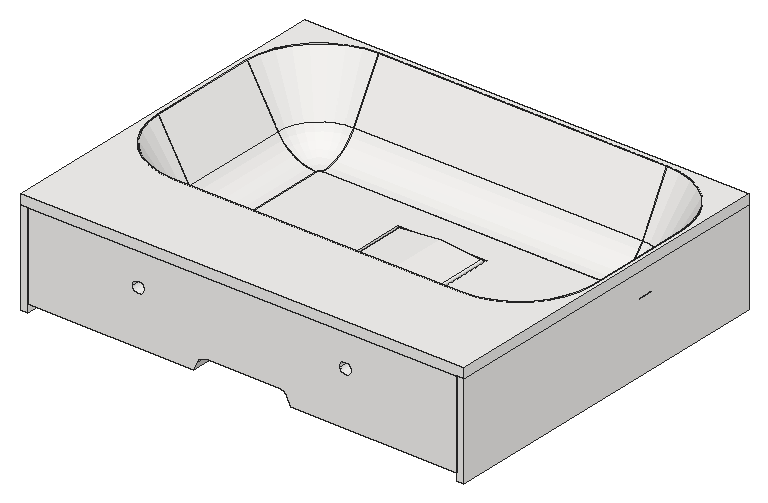
Revit family "Washbasins-hansgrohe-61093XXX-Xevolos E Washbasin 600_480 without tap hole and overflow, SmartClean", category Plumbing Fixtures, Revit 2019
Family settings
  Round Connector Dimension = Use Diameter
  Part Type = Valve - Breaks Into
  OmniClass Number = 23.31.13.00
  Work Plane-Based = No
  Always vertical = Yes
  Cut with Voids When Loaded = No
  Shared = Yes
  Room Calculation Point = No
Parameters (values of type "61093-61093450-GLOSSY_WHITE-400")
  X2 = 0
  X1 = 280
  WEIGHT = "17"
  UNSPSC = "301815 | Sanitary ware"
  UNIFORMATII = "D2010 | Plumbing Fixtures"
  UNICLASS_2015_CODE = "40_20_96"
  UNICLASS2015 = "Pr_40_20_96 | Wash basins, sinks and troughs"
  TYP = 1
  TAP = 0
  SURFACE = "GLOSSY_WHITE"
  SPECIFICATION = "Surfaces:  - 61093450 White   Specification:  • consists of: washbasin, waste set, cover  • material: ceramic  • SmartClean: dirt-repellent glaze • degree of gloss: glossy  • ceramic cover included • without tap hole • without overflow • without shelf • non-closing waste set • 600 x 480 mm • type of installation: wall mounted  • suitable for cabinet"
  REGION = "Worldwide"
  PRODUCTURL = "https://pro.hansgrohe.com/articledetail--61093450"
  PRODUCTGROUP = "Washbasins"
  PRODUCTFAMILY = "Xevolos E"
  PERMALINK = "61093XXX"
  OMNICLASS = "23-31 13 00 | Sinks"
  OBJECTTYPE = "Object (single object)"
  NN = "Xevolos Washbasin"
  NBSYN = "$BASENUMBER.-$ARTNR.-$SURFACE.-$LODLEVEL."
  NB = "61093-61093450-GLOSSY_WHITE-400"
  NAME = "Xevolos E Washbasin 600/480 without tap hole and overflow, SmartClean"
  Model = "61093-61093450-GLOSSY_WHITE-400"
  Manufacturer = "Hansgrohe"
  MIdent = "{$CADENAS_DATA/23d-libs/hansgrohe/xevolos_washbasin/xevolos_washbasin.prj},221 {VTYP=3D},{NB=61093-61093450-GLOSSY_WHITE-400},{LINA=61093-61093450-GLOSSY_WHITE-400},{NN=Xevolos Washbasin},{DATE=13.03.2023 11:34:45},{GEOMDATE=13.03.2023 11:34:00},{VERSION=},{LINEID=20},{WBVAR=LODLEVEL},{WBNUMERIC=}  {NB=61093-61093450-GLOSSY_WHITE-400},{LINA=61093-61093450-GLOSSY_WHITE-400},{KT=DUMMY},{IDNR=6},{ARTNR=61093450},{BASENUMBER=61093},{MODEL=61093XXX},{SURFACE=GLOSSY_WHITE},{LODLEVEL=400},{LODLEVELX='400','400','200','200'},{L=600.000},{LI=370.000},{X1=280.000},{X2=0.000},{DO=46.000},{DOT=35.000},{TAP=0},{TYP=1},{NAME=Xevolos E Washbasin 600/480 without tap hole and overflow, SmartClean},{PERMALINK=61093XXX},{OBJECTTYPE=Object (single object)},{BIMOBJECT=Sanitary: Wash Basins},{PRODUCTFAMILY=Xevolos E},{PRODUCTGROUP=Washbasins},{WEIGHT=17},{DESCRIPTION=Xevolos E Washbasin 600/480 without tap hole and overflow, SmartClean},{SPECIFICATION=Surfaces:  - 61093450 White   Specification:  • consists of: washbasin, waste set, cover  • material: ceramic  • SmartClean: dirt-repellent glaze • degree of gloss: glossy  • ceramic cover included • without tap hole • without overflow • without shelf • non-closing waste set • 600 x 480 mm • type of installation: wall mounted  • suitable for cabinet},{PRODUCTURL=https://pro.hansgrohe.com/articledetail--61093450},{GTINCODE=4059625420867},{IFC=Sanitary Terminal},{ETIM=EC011550 | Washbasin},{UNICLASS2015=Pr_40_20_96 | Wash basins, sinks and troughs},{OMNICLASS=23-31 13 00 | Sinks},{MASTERFORMAT=22 41 16.13 | Residential Lavatories},{UNSPSC=301815 | Sanitary ware},{UNIFORMATII=D2010 | Plumbing Fixtures},{REGION=Worldwide},{DESIGN=Germany},{MANUFACTURER=Germany}"
  MASTERFORMAT = "22 41 16.13 | Residential Lavatories"
  LODLEVEL = "400"
  LINA = "61093-61093450-GLOSSY_WHITE-400"
  LI = 370
  L = 600
  IFC = "Sanitary Terminal"
  GTINCODE = "4059625420867"
  ETIM = "EC011550 | Washbasin"
  DOT = 35
  DO = 46
  DESIGN = "Germany"
  CNSPipeRound/cp_Ausgang_1_V = no
  CATALOG = "Hansgrohe"
  BIMOBJECT = "Sanitary: Wash Basins"
  BASENUMBER = "61093"
  ARTNR = "61093450"
  61093-61093450-GLOSSY_WHITE-400_RX0RY0RZ0TX0TY0TZ0_V = yes
  61093-61093450-GLOSSY_WHITE-200_RX0RY0RZ0TX0TY0TZ0_V = no
Types (3, lengths in mm): name | NB | Model | MIdent | LODLEVEL | LINA | 61093-61093450-GLOSSY_WHITE-400_RX0RY0RZ0TX0TY0TZ0_V | 61093-61093450-GLOSSY_WHITE-200_RX0RY0RZ0TX0TY0TZ0_V
  (no name) | "61093-61093450-GLOSSY_WHITE-400" | "61093-61093450-GLOSSY_WHITE-400" | "{$CADENAS_DATA/23d-libs/hansgrohe/xevolos_washbasin/xevolos_washbasin.prj},221 {VTYP=3D},{NB=61093-61093450-GLOSSY_WHITE-400},{LINA=61093-61093450-GLOSSY_WHITE-400},{NN=Xevolos Washbasin},{DATE=13.03.2023 11:34:45},{GEOMDATE=13.03.2023 11:34:00},{VERSION=},{LINEID=20},{WBVAR=LODLEVEL},{WBNUMERIC=}  {NB=61093-61093450-GLOSSY_WHITE-400},{LINA=61093-61093450-GLOSSY_WHITE-400},{KT=DUMMY},{IDNR=6},{ARTNR=61093450},{BASENUMBER=61093},{MODEL=61093XXX},{SURFACE=GLOSSY_WHITE},{LODLEVEL=400},{LODLEVELX='400','400','200','200'},{L=600.000},{LI=370.000},{X1=280.000},{X2=0.000},{DO=46.000},{DOT=35.000},{TAP=0},{TYP=1},{NAME=Xevolos E Washbasin 600/480 without tap hole and overflow, SmartClean},{PERMALINK=61093XXX},{OBJECTTYPE=Object (single object)},{BIMOBJECT=Sanitary: Wash Basins},{PRODUCTFAMILY=Xevolos E},{PRODUCTGROUP=Washbasins},{WEIGHT=17},{DESCRIPTION=Xevolos E Washbasin 600/480 without tap hole and overflow, SmartClean},{SPECIFICATION=Surfaces:  - 61093450 White   Specification:  • consists of: washbasin, waste set, cover  • material: ceramic  • SmartClean: dirt-repellent glaze • degree of gloss: glossy  • ceramic cover included • without tap hole • without overflow • without shelf • non-closing waste set • 600 x 480 mm • type of installation: wall mounted  • suitable for cabinet},{PRODUCTURL=https://pro.hansgrohe.com/articledetail--61093450},{GTINCODE=4059625420867},{IFC=Sanitary Terminal},{ETIM=EC011550 | Washbasin},{UNICLASS2015=Pr_40_20_96 | Wash basins, sinks and troughs},{OMNICLASS=23-31 13 00 | Sinks},{MASTERFORMAT=22 41 16.13 | Residential Lavatories},{UNSPSC=301815 | Sanitary ware},{UNIFORMATII=D2010 | Plumbing Fixtures},{REGION=Worldwide},{DESIGN=Germany},{MANUFACTURER=Germany}" | "400" | "61093-61093450-GLOSSY_WHITE-400" | yes | yes
  61093-61093450-GLOSSY_WHITE-200 | "61093-61093450-GLOSSY_WHITE-200" | "61093-61093450-GLOSSY_WHITE-200" | "{$CADENAS_DATA/23d-libs/hansgrohe/xevolos_washbasin/xevolos_washbasin.prj},221 {VTYP=3D},{NB=61093-61093450-GLOSSY_WHITE-200},{LINA=61093-61093450-GLOSSY_WHITE-200},{NN=Xevolos Washbasin},{DATE=13.03.2023 11:34:45},{GEOMDATE=13.03.2023 11:34:00},{VERSION=},{LINEID=20},{WBVAR=LODLEVEL},{WBNUMERIC=}  {NB=61093-61093450-GLOSSY_WHITE-200},{LINA=61093-61093450-GLOSSY_WHITE-200},{KT=DUMMY},{IDNR=6},{ARTNR=61093450},{BASENUMBER=61093},{MODEL=61093XXX},{SURFACE=GLOSSY_WHITE},{LODLEVEL=200},{LODLEVELX='400','400','200','200'},{L=600.000},{LI=370.000},{X1=280.000},{X2=0.000},{DO=46.000},{DOT=35.000},{TAP=0},{TYP=1},{NAME=Xevolos E Washbasin 600/480 without tap hole and overflow, SmartClean},{PERMALINK=61093XXX},{OBJECTTYPE=Object (single object)},{BIMOBJECT=Sanitary: Wash Basins},{PRODUCTFAMILY=Xevolos E},{PRODUCTGROUP=Washbasins},{WEIGHT=17},{DESCRIPTION=Xevolos E Washbasin 600/480 without tap hole and overflow, SmartClean},{SPECIFICATION=Surfaces:  - 61093450 White   Specification:  • consists of: washbasin, waste set, cover  • material: ceramic  • SmartClean: dirt-repellent glaze • degree of gloss: glossy  • ceramic cover included • without tap hole • without overflow • without shelf • non-closing waste set • 600 x 480 mm • type of installation: wall mounted  • suitable for cabinet},{PRODUCTURL=https://pro.hansgrohe.com/articledetail--61093450},{GTINCODE=4059625420867},{IFC=Sanitary Terminal},{ETIM=EC011550 | Washbasin},{UNICLASS2015=Pr_40_20_96 | Wash basins, sinks and troughs},{OMNICLASS=23-31 13 00 | Sinks},{MASTERFORMAT=22 41 16.13 | Residential Lavatories},{UNSPSC=301815 | Sanitary ware},{UNIFORMATII=D2010 | Plumbing Fixtures},{REGION=Worldwide},{DESIGN=Germany},{MANUFACTURER=Germany}" | "200" | "61093-61093450-GLOSSY_WHITE-200" | no | yes
  61093-61093450-GLOSSY_WHITE-400 | "61093-61093450-GLOSSY_WHITE-400" | "61093-61093450-GLOSSY_WHITE-400" | "{$CADENAS_DATA/23d-libs/hansgrohe/xevolos_washbasin/xevolos_washbasin.prj},221 {VTYP=3D},{NB=61093-61093450-GLOSSY_WHITE-400},{LINA=61093-61093450-GLOSSY_WHITE-400},{NN=Xevolos Washbasin},{DATE=13.03.2023 11:34:45},{GEOMDATE=13.03.2023 11:34:00},{VERSION=},{LINEID=20},{WBVAR=LODLEVEL},{WBNUMERIC=}  {NB=61093-61093450-GLOSSY_WHITE-400},{LINA=61093-61093450-GLOSSY_WHITE-400},{KT=DUMMY},{IDNR=6},{ARTNR=61093450},{BASENUMBER=61093},{MODEL=61093XXX},{SURFACE=GLOSSY_WHITE},{LODLEVEL=400},{LODLEVELX='400','400','200','200'},{L=600.000},{LI=370.000},{X1=280.000},{X2=0.000},{DO=46.000},{DOT=35.000},{TAP=0},{TYP=1},{NAME=Xevolos E Washbasin 600/480 without tap hole and overflow, SmartClean},{PERMALINK=61093XXX},{OBJECTTYPE=Object (single object)},{BIMOBJECT=Sanitary: Wash Basins},{PRODUCTFAMILY=Xevolos E},{PRODUCTGROUP=Washbasins},{WEIGHT=17},{DESCRIPTION=Xevolos E Washbasin 600/480 without tap hole and overflow, SmartClean},{SPECIFICATION=Surfaces:  - 61093450 White   Specification:  • consists of: washbasin, waste set, cover  • material: ceramic  • SmartClean: dirt-repellent glaze • degree of gloss: glossy  • ceramic cover included • without tap hole • without overflow • without shelf • non-closing waste set • 600 x 480 mm • type of installation: wall mounted  • suitable for cabinet},{PRODUCTURL=https://pro.hansgrohe.com/articledetail--61093450},{GTINCODE=4059625420867},{IFC=Sanitary Terminal},{ETIM=EC011550 | Washbasin},{UNICLASS2015=Pr_40_20_96 | Wash basins, sinks and troughs},{OMNICLASS=23-31 13 00 | Sinks},{MASTERFORMAT=22 41 16.13 | Residential Lavatories},{UNSPSC=301815 | Sanitary ware},{UNIFORMATII=D2010 | Plumbing Fixtures},{REGION=Worldwide},{DESIGN=Germany},{MANUFACTURER=Germany}" | "400" | "61093-61093450-GLOSSY_WHITE-400" | yes | no
Reference planes
  plane 1 "Center (Front/Back)": y = 0
  plane 2: z = 0
  plane 3 "Center (Left/Right)": x = 0
Dimensions and locks
  aligned and locked: level to plane 2
Nested families
  nested 1: "61093-61093450-glossy_white-200_content" at (0, 0, 0), visible <- "61093-61093450-GLOSSY_WHITE-200_RX0RY0RZ0TX0TY0TZ0_V", ContentVisible <- "61093-61093450-GLOSSY_WHITE-200_RX0RY0RZ0TX0TY0TZ0_V", type "61093-61093450-GLOSSY_WHITE-200_Content"
    with ContentVisible no
  nested 2: "61093-61093450-glossy_white-400_content" at (0, 0, 0), visible <- "61093-61093450-GLOSSY_WHITE-400_RX0RY0RZ0TX0TY0TZ0_V", ContentVisible <- "61093-61093450-GLOSSY_WHITE-400_RX0RY0RZ0TX0TY0TZ0_V", type "61093-61093450-GLOSSY_WHITE-400_Content"
    with ContentVisible yes
  nested 3: "ConnectorHost2019" at (0, 0, 0), visible <- "CNSPipeRound/cp_Ausgang_1_V", type "ConnectorHost2019"
    with Visible no, TransZ 0 mm, TransY 0 mm, TransX 0 mm, ScaleZ 1 mm, ScaleY 1 mm, ScaleX 1 mm, RotZ 180.00°, RotY 360.00°, RotX 180.00°
Connectors
  piping at (0, 0, 0), diameter 46
    settings: on nested 3, index 1, connector inside diameter 609.6 mm, connector length 0 mm, flow factor 0, pipe flow 0.0 L/s, pressure drop 0.0 Pa, fitting loss kfactor 0, connector angle 0.00°, fixture units 0, engagement length 0 mm, angle of deflection 0.00°, flow configuration 0, flow direction 2, fitting loss method 0, system type 29, joint type 0, gender type 0, connector reference index -1, connector utility 0, adjustable connector no, is connector primary yes, connector description ""
Definition of nested family "61093-61093450-glossy_white-400_content"
  Parameters (values of type "61093-61093450-GLOSSY_WHITE-400_Content")
    X2 = 0
    X1 = 280
    WEIGHT = "17"
    UNSPSC = "301815 | Sanitary ware"
    UNIFORMATII = "D2010 | Plumbing Fixtures"
    UNICLASS_2015_CODE = "40_20_96"
    UNICLASS2015 = "Pr_40_20_96 | Wash basins, sinks and troughs"
    TYP = 1
    TAP = 0
    SURFACE = "GLOSSY_WHITE"
    SPECIFICATION = "Surfaces:  - 61093450 White   Specification:  • consists of: washbasin, waste set, cover  • material: ceramic  • SmartClean: dirt-repellent glaze • degree of gloss: glossy  • ceramic cover included • without tap hole • without overflow • without shelf • non-closing waste set • 600 x 480 mm • type of installation: wall mounted  • suitable for cabinet"
    REGION = "Worldwide"
    PRODUCTURL = "https://pro.hansgrohe.com/articledetail--61093450"
    PRODUCTGROUP = "Washbasins"
    PRODUCTFAMILY = "Xevolos E"
    PERMALINK = "61093XXX"
    OMNICLASS = "23-31 13 00 | Sinks"
    OBJECTTYPE = "Object (single object)"
    NN = "Xevolos Washbasin"
    NBSYN = "$BASENUMBER.-$ARTNR.-$SURFACE.-$LODLEVEL."
    NB = "61093-61093450-GLOSSY_WHITE-400"
    NAME = "Xevolos E Washbasin 600/480 without tap hole and overflow, SmartClean"
    Model = "61093-61093450-GLOSSY_WHITE-400"
    Manufacturer = "Hansgrohe"
    MASTERFORMAT = "22 41 16.13 | Residential Lavatories"
    LODLEVEL = "400"
    LINA = "61093-61093450-GLOSSY_WHITE-400"
    LI = 370
    L = 600
    IFC = "Sanitary Terminal"
    GTINCODE = "4059625420867"
    ETIM = "EC011550 | Washbasin"
    Default Elevation = 1219.2 mm
    DOT = 35
    DO = 46
    DESIGN = "Germany"
    ContentVisible [instance] = yes
    CATALOG = "Hansgrohe"
    BIMOBJECT = "Sanitary: Wash Basins"
    BASENUMBER = "61093"
    ARTNR = "61093450"
  Reference planes
    plane 1 "Center (Front/Back)": y = 0
    plane 2: z = 0
    plane 3 "Center (Left/Right)": x = 0
  Forms (mm)
    Extrusion 1, solid, visible <- "ContentVisible", detail levels medium+fine
      sketch origin (0, -295, 7) x (0, 0, -1) y (0, -1, 0)
        loop
          line (-140, -474) -> (-121, -474) -> (-62.906, -440.46)
          arc (-62.906, -440.46) -> (-37.353, -414.906) -> (-28, -380) r 69.813
          line (-28, -380) -> (-37.5, -380)
          arc (-37.5, -380) -> (-45.58, -410.156) -> (-67.656, -432.232) r 60.313
          line (-67.656, -432.232) -> (-140, -474)
      from -195 to 195
    Revolve 2, solid, visible <- "ContentVisible", detail levels medium+fine
      sketch origin (-195, -295, 7) x (0, 0, -1) y (0, -1, 0)
        loop
          line (-140, -474) -> (-121, -474) -> (-62.906, -440.46)
          arc (-62.906, -440.46) -> (-37.353, -414.906) -> (-28, -380) r 69.813
          line (-28, -380) -> (-37.5, -380)
          arc (-37.5, -380) -> (-45.58, -410.156) -> (-67.656, -432.232) r 60.313
          line (-67.656, -432.232) -> (-140, -474)
        axis (-140, -375) -> (-28, -375)
      angle from -90 to 0
    Extrusion 3, solid, visible <- "ContentVisible", detail levels medium+fine
      sketch origin (0, -70, 7) x (-1, 0, 0) y (0, 0, -1)
        loop
          line (200, -28) -> (200, -37.5)
          arc (200, -37.5) -> (230.156, -45.58) -> (252.232, -67.656) r 60.313
          line (252.232, -67.656) -> (294, -140) -> (294, -121) -> (260.46, -62.906)
          arc (260.46, -62.906) -> (234.906, -37.353) -> (200, -28) r 69.813
      from -150 to 0
    Revolve 4, solid, visible <- "ContentVisible", detail levels medium+fine
      sketch origin (-195, -295, 7) x (0, 0, -1) y (0, -1, 0)
        loop
          line (-140, -126) -> (-67.656, -167.768)
          arc (-67.656, -167.768) -> (-45.58, -189.844) -> (-37.5, -220) r 60.313
          line (-37.5, -220) -> (-28, -220)
          arc (-28, -220) -> (-37.353, -185.094) -> (-62.906, -159.54) r 69.813
          line (-62.906, -159.54) -> (-121, -126) -> (-140, -126)
        axis (-28, -225) -> (-140, -225)
      angle from -90 to 0
    Extrusion 5, solid, visible <- "ContentVisible", detail levels medium+fine
      sketch origin (0, -295, 7) x (0, 0, -1) y (0, -1, 0)
        loop
          line (-140, -126) -> (-67.656, -167.768)
          arc (-67.656, -167.768) -> (-45.58, -189.844) -> (-37.5, -220) r 60.313
          line (-37.5, -220) -> (-28, -220)
          arc (-28, -220) -> (-37.353, -185.094) -> (-62.906, -159.54) r 69.813
          line (-62.906, -159.54) -> (-121, -126) -> (-140, -126)
      from -195 to 195
    Revolve 6, solid, visible <- "ContentVisible", detail levels medium+fine
      sketch origin (195, -295, 7) x (0, 0, -1) y (0, -1, 0)
        loop
          line (-140, -126) -> (-67.656, -167.768)
          arc (-67.656, -167.768) -> (-45.58, -189.844) -> (-37.5, -220) r 60.313
          line (-37.5, -220) -> (-28, -220)
          arc (-28, -220) -> (-37.353, -185.094) -> (-62.906, -159.54) r 69.813
          line (-62.906, -159.54) -> (-121, -126) -> (-140, -126)
        axis (-28, -225) -> (-140, -225)
      angle from 0 to 90
    Extrusion 7, solid, visible <- "ContentVisible", detail levels medium+fine
      sketch origin (0, -70, 7) x (-1, 0, 0) y (0, 0, -1)
        loop
          line (-294, -121) -> (-294, -140) -> (-252.232, -67.656)
          arc (-252.232, -67.656) -> (-230.156, -45.58) -> (-200, -37.5) r 60.313
          line (-200, -37.5) -> (-200, -28)
          arc (-200, -28) -> (-234.906, -37.353) -> (-260.46, -62.906) r 69.813
          line (-260.46, -62.906) -> (-294, -121)
      from -150 to 0
    Revolve 8, solid, visible <- "ContentVisible", detail levels medium+fine
      sketch origin (195, -295, 7) x (0, 0, -1) y (0, -1, 0)
        loop
          line (-140, -474) -> (-121, -474) -> (-62.906, -440.46)
          arc (-62.906, -440.46) -> (-37.353, -414.906) -> (-28, -380) r 69.813
          line (-28, -380) -> (-37.5, -380)
          arc (-37.5, -380) -> (-45.58, -410.156) -> (-67.656, -432.232) r 60.313
          line (-67.656, -432.232) -> (-140, -474)
        axis (-140, -375) -> (-28, -375)
      angle from 0 to 90
    Extrusion 9, solid, visible <- "ContentVisible", detail levels medium+fine
      sketch origin (0, -295, 35) x (-1, 0, 0) y (0, -1, 0)
        loop
          line (-200, -225) -> (-200, -375)
          arc (-200, -375) -> (-198.536, -378.536) -> (-195, -380) r 5
          line (-195, -380) -> (195, -380)
          arc (195, -380) -> (198.536, -378.536) -> (200, -375) r 5
          line (200, -375) -> (200, -225)
          arc (200, -225) -> (198.536, -221.464) -> (195, -220) r 5
          line (195, -220) -> (-195, -220)
          arc (-195, -220) -> (-198.536, -221.464) -> (-200, -225) r 5
        loop
          line (-60, -252.5) -> (-60, -337.5) -> (60, -337.5) -> (60, -252.5) -> (-60, -252.5)
      from 0 to 9.5
    Extrusion 10, solid, visible <- "ContentVisible", detail levels medium+fine
      sketch origin (0, -295, 147) x (-1, 0, 0) y (0, -1, 0)
        loop
          line (-300, -480) -> (300, -480) -> (300, 0) -> (-300, 0) -> (-300, -480)
        loop
          line (-294, -226) -> (-294, -374)
          arc (-294, -374) -> (-264.711, -444.711) -> (-194, -474) r 100
          line (-194, -474) -> (194, -474)
          arc (194, -474) -> (264.711, -444.711) -> (294, -374) r 100
          line (294, -374) -> (294, -226)
          arc (294, -226) -> (264.711, -155.289) -> (194, -126) r 100
          line (194, -126) -> (-194, -126)
          arc (-194, -126) -> (-264.711, -155.289) -> (-294, -226) r 100
      from -13 to 0
    Extrusion 11, solid, visible <- "ContentVisible", detail levels medium+fine
      sketch origin (0, -295, 134) x (-1, 0, 0) y (0, -1, 0)
        loop
          line (-300, -480) -> (300, -480) -> (300, 0) -> (290, 0) -> (290, -470) -> (-290, -470) -> (-290, 0) -> (-300, 0) -> (-300, -480)
      from -127 to 0
    Extrusion 12, solid, visible <- "ContentVisible", detail levels medium+fine
      sketch origin (0, -295, 17) x (-1, 0, 0) y (0, -1, 0)
        loop
          line (-290, -35) -> (-290, -470) -> (290, -470) -> (290, -35) -> (250, -35) -> (250, -380)
          arc (250, -380) -> (235.355, -415.355) -> (200, -430) r 50
          line (200, -430) -> (-200, -430)
          arc (-200, -430) -> (-235.355, -415.355) -> (-250, -380) r 50
          line (-250, -380) -> (-250, -35) -> (-290, -35)
      from 0 to 50
    Extrusion 13, solid, visible <- "ContentVisible", detail levels medium+fine
      sketch origin (0, -295, 7) x (-1, 0, 0) y (0, 0, -1)
        loop
          line (-290, -10) -> (-290, -127) -> (290, -127) -> (290, -10) -> (65, -10) -> (59.568, -21.649)
          arc (59.568, -21.649) -> (55.509, -26.277) -> (49.599, -28) r 11
          line (49.599, -28) -> (-49.599, -28)
          arc (-49.599, -28) -> (-55.509, -26.277) -> (-59.568, -21.649) r 11
          line (-59.568, -21.649) -> (-65, -10) -> (-290, -10)
      from -35 to 0
    Extrusion 14, solid, visible <- "ContentVisible", detail levels medium+fine
      sketch origin (-185, -295, 7) x (0, 0, -1) y (0, -1, 0)
        loop
          line (-127, -35) -> (-127, -127.732) -> (-65.156, -163.437)
          arc (-65.156, -163.437) -> (-41.25, -187.344) -> (-32.5, -220) r 65.313
          line (-32.5, -220) -> (-32.5, -380)
          arc (-32.5, -380) -> (-39.303, -409.023) -> (-58.294, -432) r 65.313
          line (-58.294, -432) -> (-30.544, -432) -> (-10, -40) -> (-10, -35) -> (-127, -35)
      from 0 to 75
    Extrusion 15, solid, visible <- "ContentVisible", detail levels medium+fine
      sketch origin (185, -295, 7) x (0, 0, -1) y (0, -1, 0)
        loop
          line (-127, -35) -> (-127, -127.732) -> (-65.156, -163.437)
          arc (-65.156, -163.437) -> (-41.25, -187.344) -> (-32.5, -220) r 65.313
          line (-32.5, -220) -> (-32.5, -380)
          arc (-32.5, -380) -> (-39.303, -409.023) -> (-58.294, -432) r 65.313
          line (-58.294, -432) -> (-30.544, -432) -> (-10, -40) -> (-10, -35) -> (-127, -35)
      from -75 to 0
    Extrusion 16, solid, visible <- "ContentVisible", detail levels medium+fine
      sketch origin (0, -295, 17) x (-1, 0, 0) y (0, -1, 0)
        loop
          line (-72, -261.5) -> (-72, -328.5)
          arc (-72, -328.5) -> (-65.703, -343.703) -> (-50.5, -350) r 21.5
          line (-50.5, -350) -> (50.5, -350)
          arc (50.5, -350) -> (65.703, -343.703) -> (72, -328.5) r 21.5
          line (72, -328.5) -> (72, -261.5)
          arc (72, -261.5) -> (65.703, -246.297) -> (50.5, -240) r 21.5
          line (50.5, -240) -> (-50.5, -240)
          arc (-50.5, -240) -> (-65.703, -246.297) -> (-72, -261.5) r 21.5
      from 0 to 18
    Revolve 17, solid, visible <- "ContentVisible", detail levels medium+fine
      sketch origin (0, 0, 7) x (-1, 0, 0) y (0, 0, -1)
        loop
          line (23, -4.5) -> (42.5, -27.441) -> (42.5, -10) -> (34, 0) -> (34, 7) -> (23, 7) -> (23, -4.5)
        axis (0, -27.441) -> (0, 7)
      angle from -360 to 0
    Extrusion 18, solid, visible <- "ContentVisible", detail levels medium+fine
      sketch origin (0, -295, -3) x (-1, 0, 0) y (0, -1, 0)
        loop
          circle (0, -295) r 7.5
      from 0 to 41
    Extrusion 19, solid, visible <- "ContentVisible", detail levels medium+fine
      sketch origin (0, -295, 38) x (-1, 0, 0) y (0, -1, 0)
        loop
          circle (0, -295) r 32.5
      from 0 to 2
    Extrusion 20, solid, visible <- "ContentVisible", detail levels medium+fine
      sketch origin (0, 0, 7) x (-1, 0, 0) y (0, 0, -1)
        loop
          arc (-54.85, -33) -> (-57.5, -35.65) -> (-54.85, -38.3) r 2.65
          arc (-54.85, -38.3) -> (0, -43.036) -> (54.85, -38.3) r 320
          arc (54.85, -38.3) -> (57.5, -35.65) -> (54.85, -33) r 2.65
          line (54.85, -33) -> (-54.85, -33)
      from -40 to 40
    Extrusion 21, void, detail levels medium+fine
      sketch origin (0, -295, 7) x (-1, 0, 0) y (0, 0, -1)
        loop
          circle (140, -83) r 8
      from -30 to 30
    Extrusion 22, void, detail levels medium+fine
      sketch origin (0, -295, 7) x (-1, 0, 0) y (0, 0, -1)
        loop
          circle (-140, -83) r 8
      from -30 to 30
    Extrusion 23, solid, visible <- "ContentVisible", detail levels coarse
      sketch origin (0, -55, -3) x (1, 0, 0) y (0, 1, 0)
        loop
          line (-300, -240) -> (300, -240) -> (300, 240) -> (-300, 240) -> (-300, -240)
      from 0 to 150
  Cuts and joins
    Extrusion 21, Extrusion 22 cuts Extrusion 1
    Extrusion 21, Extrusion 22 cuts Revolve 2
    Extrusion 21, Extrusion 22 cuts Extrusion 3
    Extrusion 21, Extrusion 22 cuts Revolve 4
    Extrusion 21, Extrusion 22 cuts Extrusion 5
    Extrusion 21, Extrusion 22 cuts Revolve 6
    Extrusion 21, Extrusion 22 cuts Extrusion 7
    Extrusion 21, Extrusion 22 cuts Revolve 8
    Extrusion 21, Extrusion 22 cuts Extrusion 9
    Extrusion 21, Extrusion 22 cuts Extrusion 10
    Extrusion 21, Extrusion 22 cuts Extrusion 11
    Extrusion 21, Extrusion 22 cuts Extrusion 12
    Extrusion 21, Extrusion 22 cuts Extrusion 13
    Extrusion 21, Extrusion 22 cuts Extrusion 14
    Extrusion 21, Extrusion 22 cuts Extrusion 15
    Extrusion 21, Extrusion 22 cuts Extrusion 16
    Extrusion 21, Extrusion 22 cuts Revolve 17
    Extrusion 21, Extrusion 22 cuts Extrusion 18
    Extrusion 21, Extrusion 22 cuts Extrusion 19
    Extrusion 21, Extrusion 22 cuts Extrusion 20
  Dimensions and locks
    aligned and locked: level to plane 2
Definition of nested family "61093-61093450-glossy_white-200_content"
  Parameters (values of type "61093-61093450-GLOSSY_WHITE-200_Content")
    X2 = 0
    X1 = 280
    WEIGHT = "17"
    UNSPSC = "301815 | Sanitary ware"
    UNIFORMATII = "D2010 | Plumbing Fixtures"
    UNICLASS_2015_CODE = "40_20_96"
    UNICLASS2015 = "Pr_40_20_96 | Wash basins, sinks and troughs"
    TYP = 1
    TAP = 0
    SURFACE = "GLOSSY_WHITE"
    SPECIFICATION = "Surfaces:  - 61093450 White   Specification:  • consists of: washbasin, waste set, cover  • material: ceramic  • SmartClean: dirt-repellent glaze • degree of gloss: glossy  • ceramic cover included • without tap hole • without overflow • without shelf • non-closing waste set • 600 x 480 mm • type of installation: wall mounted  • suitable for cabinet"
    REGION = "Worldwide"
    PRODUCTURL = "https://pro.hansgrohe.com/articledetail--61093450"
    PRODUCTGROUP = "Washbasins"
    PRODUCTFAMILY = "Xevolos E"
    PERMALINK = "61093XXX"
    OMNICLASS = "23-31 13 00 | Sinks"
    OBJECTTYPE = "Object (single object)"
    NN = "Xevolos Washbasin"
    NBSYN = "$BASENUMBER.-$ARTNR.-$SURFACE.-$LODLEVEL."
    NB = "61093-61093450-GLOSSY_WHITE-200"
    NAME = "Xevolos E Washbasin 600/480 without tap hole and overflow, SmartClean"
    Model = "61093-61093450-GLOSSY_WHITE-200"
    Manufacturer = "Hansgrohe"
    MASTERFORMAT = "22 41 16.13 | Residential Lavatories"
    LODLEVEL = "200"
    LINA = "61093-61093450-GLOSSY_WHITE-200"
    LI = 370
    L = 600
    IFC = "Sanitary Terminal"
    GTINCODE = "4059625420867"
    ETIM = "EC011550 | Washbasin"
    Default Elevation = 1219.2 mm
    DOT = 35
    DO = 46
    DESIGN = "Germany"
    ContentVisible [instance] = yes
    CATALOG = "Hansgrohe"
    BIMOBJECT = "Sanitary: Wash Basins"
    BASENUMBER = "61093"
    ARTNR = "61093450"
  Reference planes
    plane 1 "Center (Front/Back)": y = 0
    plane 2: z = 0
    plane 3 "Center (Left/Right)": x = 0
  Forms (mm)
    Extrusion 1, solid, visible <- "ContentVisible", detail levels medium+fine
      sketch origin (0, -295, 147) x (-1, 0, 0) y (0, -1, 0)
        loop
          line (-300, -480) -> (300, -480) -> (300, 0) -> (-300, 0) -> (-300, -480)
      from -140 to 0
    Extrusion 2, void, detail levels medium+fine
      sketch origin (0, -295, 147) x (-1, 0, 0) y (0, -1, 0)
        loop
          line (-294, -126) -> (-294, -474) -> (294, -474) -> (294, -126) -> (-294, -126)
      from -102.5 to 0
    Extrusion 3, solid, visible <- "ContentVisible", detail levels medium+fine
      sketch origin (0, -295, 7) x (-1, 0, 0) y (0, -1, 0)
        loop
          circle (0, -295) r 34
      from -10 to 0
    Extrusion 4, solid, visible <- "ContentVisible", detail levels coarse
      sketch origin (0, -55, -3) x (1, 0, 0) y (0, 1, 0)
        loop
          line (-300, -240) -> (300, -240) -> (300, 240) -> (-300, 240) -> (-300, -240)
      from 0 to 150
  Cuts and joins
    Extrusion 2 cuts Extrusion 1
  Dimensions and locks
    aligned and locked: level to plane 2
